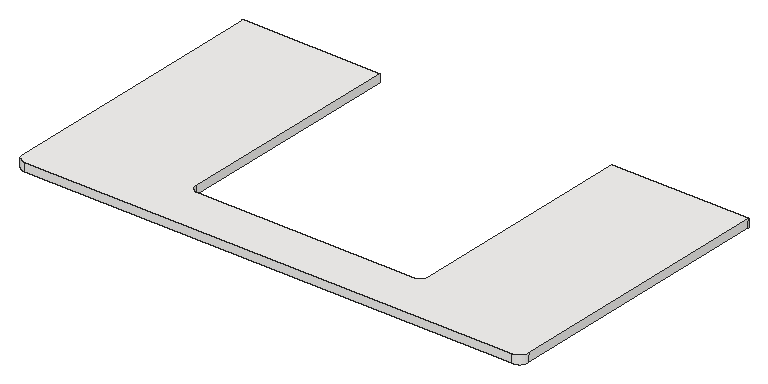
Revit family "console with cutout for countertop basin ground", category Furniture, Revit 2019 (continued)
Types (64, lengths in mm): name | WEIGHT | SURFACE | SPECIFICATION | PRODUCTURL | PERMALINK | NB | NAME | Model | MIdent | LODLEVEL | LL | LINA | L1 | L | IDNR | GTINCODE | Console 980_550 with cutout in the middle for countertop basin ground 600_480-54110910-DIAMOND_GREY-400_RX0RY0RZ0TX0TY0TZ0_V | Console 980_550 with cutout in the middle for countertop basin ground 600_480-54110910-DIAMOND_GREY-200_RX0RY0RZ0TX0TY0TZ0_V | Console 980_550 with cutout in the middle for countertop basin ground 600_480-54110630-DARK_WALNUT-400_RX0RY0RZ0TX0TY0TZ0_V | Console 980_550 with cutout in the middle for countertop basin ground 600_480-54110630-DARK_WALNUT-200_RX0RY0RZ0TX0TY0TZ0_V | Console 980_550 with cutout in the middle for countertop basin ground 600_480-54110230-NATURAL_OAK-400_RX0RY0RZ0TX0TY0TZ0_V | Console 980_550 with cutout in the middle for countertop basin ground 600_480-54110230-NATURAL_OAK-200_RX0RY0RZ0TX0TY0TZ0_V | Console 980_550 with cutout in the middle for countertop basin ground 600_480-54110050-GLOSSY_WHITE-400_RX0RY0RZ0TX0TY0TZ0_V | Console 980_550 with cutout in the middle for countertop basin ground 600_480-54110050-GLOSSY_WHITE-200_RX0RY0RZ0TX0TY0TZ0_V | Console 980_550 with cutout in the middle for countertop basin ground 500_480-54095910-DIAMOND_GREY-400_RX0RY0RZ0TX0TY0TZ0_V | Console 980_550 with cutout in the middle for countertop basin ground 500_480-54095910-DIAMOND_GREY-200_RX0RY0RZ0TX0TY0TZ0_V | Console 980_550 with cutout in the middle for countertop basin ground 500_480-54095630-DARK_WALNUT-400_RX0RY0RZ0TX0TY0TZ0_V | Console 980_550 with cutout in the middle for countertop basin ground 500_480-54095630-DARK_WALNUT-200_RX0RY0RZ0TX0TY0TZ0_V | Console 980_550 with cutout in the middle for countertop basin ground 500_480-54095230-NATURAL_OAK-400_RX0RY0RZ0TX0TY0TZ0_V | Console 980_550 with cutout in the middle for countertop basin ground 500_480-54095230-NATURAL_OAK-200_RX0RY0RZ0TX0TY0TZ0_V | Console 980_550 with cutout in the middle for countertop basin ground 500_480-54095050-GLOSSY_WHITE-400_RX0RY0RZ0TX0TY0TZ0_V | Console 980_550 with cutout in the middle for countertop basin ground 500_480-54095050-GLOSSY_WHITE-200_RX0RY0RZ0TX0TY0TZ0_V | Console 780_550 with cutout in the middle for countertop basin ground 600_480-54109910-DIAMOND_GREY-400_RX0RY0RZ0TX0TY0TZ0_V | Console 780_550 with cutout in the middle for countertop basin ground 600_480-54109910-DIAMOND_GREY-200_RX0RY0RZ0TX0TY0TZ0_V | Console 780_550 with cutout in the middle for countertop basin ground 600_480-54109630-DARK_WALNUT-400_RX0RY0RZ0TX0TY0TZ0_V | Console 780_550 with cutout in the middle for countertop basin ground 600_480-54109630-DARK_WALNUT-200_RX0RY0RZ0TX0TY0TZ0_V | Console 780_550 with cutout in the middle for countertop basin ground 600_480-54109230-NATURAL_OAK-400_RX0RY0RZ0TX0TY0TZ0_V | Console 780_550 with cutout in the middle for countertop basin ground 600_480-54109230-NATURAL_OAK-200_RX0RY0RZ0TX0TY0TZ0_V | Console 780_550 with cutout in the middle for countertop basin ground 600_480-54109050-GLOSSY_WHITE-400_RX0RY0RZ0TX0TY0TZ0_V | Console 780_550 with cutout in the middle for countertop basin ground 600_480-54109050-GLOSSY_WHITE-200_RX0RY0RZ0TX0TY0TZ0_V | Console 780_550 with cutout in the middle for countertop basin ground 500_480-54094910-DIAMOND_GREY-400_RX0RY0RZ0TX0TY0TZ0_V | Console 780_550 with cutout in the middle for countertop basin ground 500_480-54094910-DIAMOND_GREY-200_RX0RY0RZ0TX0TY0TZ0_V | Console 780_550 with cutout in the middle for countertop basin ground 500_480-54094630-DARK_WALNUT-400_RX0RY0RZ0TX0TY0TZ0_V | Console 780_550 with cutout in the middle for countertop basin ground 500_480-54094630-DARK_WALNUT-200_RX0RY0RZ0TX0TY0TZ0_V | Console 780_550 with cutout in the middle for countertop basin ground 500_480-54094230-NATURAL_OAK-400_RX0RY0RZ0TX0TY0TZ0_V | Console 780_550 with cutout in the middle for countertop basin ground 500_480-54094230-NATURAL_OAK-200_RX0RY0RZ0TX0TY0TZ0_V | Console 780_550 with cutout in the middle for countertop basin ground 500_480-54094050-GLOSSY_WHITE-400_RX0RY0RZ0TX0TY0TZ0_V | Console 780_550 with cutout in the middle for countertop basin ground 500_480-54094050-GLOSSY_WHITE-200_RX0RY0RZ0TX0TY0TZ0_V | Console 1360_550 with cutout right for countertop basin ground 500_480-54098910-DIAMOND_GREY-400_RX0RY0RZ0TX0TY0TZ0_V | Console 1360_550 with cutout right for countertop basin ground 500_480-54098910-DIAMOND_GREY-200_RX0RY0RZ0TX0TY0TZ0_V | Console 1360_550 with cutout right for countertop basin ground 500_480-54098630-DARK_WALNUT-400_RX0RY0RZ0TX0TY0TZ0_V | Console 1360_550 with cutout right for countertop basin ground 500_480-54098630-DARK_WALNUT-200_RX0RY0RZ0TX0TY0TZ0_V | Console 1360_550 with cutout right for countertop basin ground 500_480-54098230-NATURAL_OAK-400_RX0RY0RZ0TX0TY0TZ0_V | Console 1360_550 with cutout right for countertop basin ground 500_480-54098230-NATURAL_OAK-200_RX0RY0RZ0TX0TY0TZ0_V | Console 1360_550 with cutout right for countertop basin ground 500_480-54098050-GLOSSY_WHITE-400_RX0RY0RZ0TX0TY0TZ0_V | Console 1360_550 with cutout right for countertop basin ground 500_480-54098050-GLOSSY_WHITE-200_RX0RY0RZ0TX0TY0TZ0_V | Console 1360_550 with cutout left for countertop basin ground 500_480-54097910-DIAMOND_GREY-400_RX0RY0RZ0TX0TY0TZ0_V | Console 1360_550 with cutout left for countertop basin ground 500_480-54097910-DIAMOND_GREY-200_RX0RY0RZ0TX0TY0TZ0_V | Console 1360_550 with cutout left for countertop basin ground 500_480-54097630-DARK_WALNUT-400_RX0RY0RZ0TX0TY0TZ0_V | Console 1360_550 with cutout left for countertop basin ground 500_480-54097630-DARK_WALNUT-200_RX0RY0RZ0TX0TY0TZ0_V | Console 1360_550 with cutout left for countertop basin ground 500_480-54097230-NATURAL_OAK-400_RX0RY0RZ0TX0TY0TZ0_V | Console 1360_550 with cutout left for countertop basin ground 500_480-54097230-NATURAL_OAK-200_RX0RY0RZ0TX0TY0TZ0_V | Console 1360_550 with cutout left for countertop basin ground 500_480-54097050-GLOSSY_WHITE-400_RX0RY0RZ0TX0TY0TZ0_V | Console 1360_550 with cutout left for countertop basin ground 500_480-54097050-GLOSSY_WHITE-200_RX0RY0RZ0TX0TY0TZ0_V | Console 1180_550 with cutout in the middle for countertop basin ground 600_480-54111910-DIAMOND_GREY-400_RX0RY0RZ0TX0TY0TZ0_V | Console 1180_550 with cutout in the middle for countertop basin ground 600_480-54111910-DIAMOND_GREY-200_RX0RY0RZ0TX0TY0TZ0_V | Console 1180_550 with cutout in the middle for countertop basin ground 600_480-54111630-DARK_WALNUT-400_RX0RY0RZ0TX0TY0TZ0_V | Console 1180_550 with cutout in the middle for countertop basin ground 600_480-54111630-DARK_WALNUT-200_RX0RY0RZ0TX0TY0TZ0_V | Console 1180_550 with cutout in the middle for countertop basin ground 600_480-54111230-NATURAL_OAK-400_RX0RY0RZ0TX0TY0TZ0_V | Console 1180_550 with cutout in the middle for countertop basin ground 600_480-54111230-NATURAL_OAK-200_RX0RY0RZ0TX0TY0TZ0_V | Console 1180_550 with cutout in the middle for countertop basin ground 600_480-54111050-GLOSSY_WHITE-400_RX0RY0RZ0TX0TY0TZ0_V | Console 1180_550 with cutout in the middle for countertop basin ground 600_480-54111050-GLOSSY_WHITE-200_RX0RY0RZ0TX0TY0TZ0_V | Console 1180_550 with cutout in the middle for countertop basin ground 500_480-54096910-DIAMOND_GREY-400_RX0RY0RZ0TX0TY0TZ0_V | Console 1180_550 with cutout in the middle for countertop basin ground 500_480-54096910-DIAMOND_GREY-200_RX0RY0RZ0TX0TY0TZ0_V | Console 1180_550 with cutout in the middle for countertop basin ground 500_480-54096630-DARK_WALNUT-400_RX0RY0RZ0TX0TY0TZ0_V | Console 1180_550 with cutout in the middle for countertop basin ground 500_480-54096630-DARK_WALNUT-200_RX0RY0RZ0TX0TY0TZ0_V | Console 1180_550 with cutout in the middle for countertop basin ground 500_480-54096230-NATURAL_OAK-400_RX0RY0RZ0TX0TY0TZ0_V | Console 1180_550 with cutout in the middle for countertop basin ground 500_480-54096230-NATURAL_OAK-200_RX0RY0RZ0TX0TY0TZ0_V | Console 1180_550 with cutout in the middle for countertop basin ground 500_480-54096050-GLO
  SSY_WHITE-400_RX0RY0RZ0TX0TY0TZ0_V | Console 1180_550 with cutout in the middle for countertop basin ground 500_480-54096050-GLOSSY_WHITE-200_RX0RY0RZ0TX0TY0TZ0_V | BASENUMBER | ARTNR
  Console 1180_550 with cutout in the middle for countertop basin ground 500_480-54096050-GLOSSY_WHITE-200 | "12.3" | "GLOSSY_WHITE" | "Surfaces:    - 54096050 High Gloss White  - 54096910 Diamond Matt Grey  - 54096230 Natural Oak  - 54096630 Dark Walnut      Specification:" | "https://pro.hansgrohe.com/articledetail--54096050" | "54096XXX" | "Console 1180/550 with cutout in the middle for countertop basin ground 500/480-54096050-GLOSSY_WHITE-200" | "Xelu Q Console 1180/550 with cutout in the middle for countertop basin ground 500/480" | "Console 1180/550 with cutout in the middle for countertop basin ground 500/480-54096050-GLOSSY_WHITE-200" | "{$CADENAS_DATA/23d-libs/hansgrohe/xelu_furniture/console_with_cutout_for_countertop_basin_ground/console_with_cutout_for_countertop_basinground.prj},397 {VTYP=3D},{NB=Console 1180/550 with cutout in the middle for countertop basin ground 500/480-54096050-GLOSSY_WHITE-200},{LINA=Console 1180/550 with cutout in the middle for countertop basin ground 500/480-54096050-GLOSSY_WHITE-200},{NN=Console with cutout for countertop basin ground},{DATE=10.03.2023 08:11:51},{GEOMDATE=08.03.2023 13:28:53},{VERSION=},{LINEID=90},{WBVAR=LODLEVEL},{WBNUMERIC=}  {NB=Console 1180/550 with cutout in the middle for countertop basin ground 500/480-54096050-GLOSSY_WHITE-200},{LINA=Console 1180/550 with cutout in the middle for countertop basin ground 500/480-54096050-GLOSSY_WHITE-200},{KT=DUMMY},{IDNR=9},{ARTNR=54096050},{BASENUMBER=Console 1180/550 with cutout in the middle for countertop basin ground 500/480},{MODEL=54096XXX},{SURFACE=GLOSSY_WHITE},{L=1180},{LODLEVEL=200},{LODLEVELX='400','400','200','200'},{L1=450},{LL=590},{NAME=Xelu Q Console 1180/550 with cutout in the middle for countertop basin ground 500/480},{PERMALINK=54096XXX},{OBJECTTYPE=Object (single object)},{BIMOBJECT=Sanitary: Compound units },{PRODUCTFAMILY=Xelu Q},{PRODUCTGROUP=console},{WEIGHT=12.3},{DESCRIPTION=Xelu Q Console 1180/550 with cutout in the middle for countertop basin ground 500/480},{SPECIFICATION=Surfaces:    - 54096050 High Gloss White  - 54096910 Diamond Matt Grey  - 54096230 Natural Oak  - 54096630 Dark Walnut      Specification:},{PRODUCTURL=https://pro.hansgrohe.com/articledetail--54096050},{GTINCODE=4059625457054},{TENDERURL=},{IFC=Furnishing element},{ETIM=EC011381 | Bathroom furniture set},{UNICLASS2015=Pr_40_20_76_94 | Vanity units},{OMNICLASS=23-19 31 17 11 | Bathroom Units},{MASTERFORMAT=12 35 30.23 | Bathroom Casework},{UNSPSC=56 | Furniture and Furnishings},{UNIFORMATII=E2010 | Fixed Furnishings},{REGIONSET=Worldwide},{DESIGN=Germany},{MANUFACTURER=Germany}" | "200" | 590 | "Console 1180/550 with cutout in the middle for countertop basin ground 500/480-54096050-GLOSSY_WHITE-200" | 450 | 1180 | 9 | "4059625457054" | no | no | no | no | no | no | no | no | no | no | no | no | no | no | no | no | no | no | no | no | no | no | no | no | no | no | no | no | no | no | no | no | no | no | no | no | no | no | no | no | no | no | no | no | no | no | no | no | no | no | no | no | no | no | no | no | no | no | no | no | no | no | no | yes | "Console 1180/550 with cutout in the middle for countertop basin ground 500/480" | "54096050"
  Console 1180_550 with cutout in the middle for countertop basin ground 500_480-54096050-GLOSSY_WHITE-400 | "12.3" | "GLOSSY_WHITE" | "Surfaces:    - 54096050 High Gloss White  - 54096910 Diamond Matt Grey  - 54096230 Natural Oak  - 54096630 Dark Walnut      Specification:" | "https://pro.hansgrohe.com/articledetail--54096050" | "54096XXX" | "Console 1180/550 with cutout in the middle for countertop basin ground 500/480-54096050-GLOSSY_WHITE-400" | "Xelu Q Console 1180/550 with cutout in the middle for countertop basin ground 500/480" | "Console 1180/550 with cutout in the middle for countertop basin ground 500/480-54096050-GLOSSY_WHITE-400" | "{$CADENAS_DATA/23d-libs/hansgrohe/xelu_furniture/console_with_cutout_for_countertop_basin_ground/console_with_cutout_for_countertop_basinground.prj},397 {VTYP=3D},{NB=Console 1180/550 with cutout in the middle for countertop basin ground 500/480-54096050-GLOSSY_WHITE-400},{LINA=Console 1180/550 with cutout in the middle for countertop basin ground 500/480-54096050-GLOSSY_WHITE-400},{NN=Console with cutout for countertop basin ground},{DATE=10.03.2023 08:11:51},{GEOMDATE=08.03.2023 13:28:53},{VERSION=},{LINEID=90},{WBVAR=LODLEVEL},{WBNUMERIC=}  {NB=Console 1180/550 with cutout in the middle for countertop basin ground 500/480-54096050-GLOSSY_WHITE-400},{LINA=Console 1180/550 with cutout in the middle for countertop basin ground 500/480-54096050-GLOSSY_WHITE-400},{KT=DUMMY},{IDNR=9},{ARTNR=54096050},{BASENUMBER=Console 1180/550 with cutout in the middle for countertop basin ground 500/480},{MODEL=54096XXX},{SURFACE=GLOSSY_WHITE},{L=1180},{LODLEVEL=400},{LODLEVELX='400','400','200','200'},{L1=450},{LL=590},{NAME=Xelu Q Console 1180/550 with cutout in the middle for countertop basin ground 500/480},{PERMALINK=54096XXX},{OBJECTTYPE=Object (single object)},{BIMOBJECT=Sanitary: Compound units },{PRODUCTFAMILY=Xelu Q},{PRODUCTGROUP=console},{WEIGHT=12.3},{DESCRIPTION=Xelu Q Console 1180/550 with cutout in the middle for countertop basin ground 500/480},{SPECIFICATION=Surfaces:    - 54096050 High Gloss White  - 54096910 Diamond Matt Grey  - 54096230 Natural Oak  - 54096630 Dark Walnut      Specification:},{PRODUCTURL=https://pro.hansgrohe.com/articledetail--54096050},{GTINCODE=4059625457054},{TENDERURL=},{IFC=Furnishing element},{ETIM=EC011381 | Bathroom furniture set},{UNICLASS2015=Pr_40_20_76_94 | Vanity units},{OMNICLASS=23-19 31 17 11 | Bathroom Units},{MASTERFORMAT=12 35 30.23 | Bathroom Casework},{UNSPSC=56 | Furniture and Furnishings},{UNIFORMATII=E2010 | Fixed Furnishings},{REGIONSET=Worldwide},{DESIGN=Germany},{MANUFACTURER=Germany}" | "400" | 590 | "Console 1180/550 with cutout in the middle for countertop basin ground 500/480-54096050-GLOSSY_WHITE-400" | 450 | 1180 | 9 | "4059625457054" | no | no | no | no | no | no | no | no | no | no | no | no | no | no | no | no | no | no | no | no | no | no | no | no | no | no | no | no | no | no | no | no | no | no | no | no | no | no | no | no | no | no | no | no | no | no | no | no | no | no | no | no | no | no | no | no | no | no | no | no | no | no | yes | no | "Console 1180/550 with cutout in the middle for countertop basin ground 500/480" | "54096050"
  Console 1180_550 with cutout in the middle for countertop basin ground 500_480-54096230-NATURAL_OAK-200 | "12.3" | "NATURAL_OAK" | "Surfaces:    - 54096050 High Gloss White  - 54096910 Diamond Matt Grey  - 54096230 Natural Oak  - 54096630 Dark Walnut      Specification:" | "https://pro.hansgrohe.com/articledetail--54096050" | "54096XXX" | "Console 1180/550 with cutout in the middle for countertop basin ground 500/480-54096230-NATURAL_OAK-200" | "Xelu Q Console 1180/550 with cutout in the middle for countertop basin ground 500/480" | "Console 1180/550 with cutout in the middle for countertop basin ground 500/480-54096230-NATURAL_OAK-200" | "{$CADENAS_DATA/23d-libs/hansgrohe/xelu_furniture/console_with_cutout_for_countertop_basin_ground/console_with_cutout_for_countertop_basinground.prj},396 {VTYP=3D},{NB=Console 1180/550 with cutout in the middle for countertop basin ground 500/480-54096230-NATURAL_OAK-200},{LINA=Console 1180/550 with cutout in the middle for countertop basin ground 500/480-54096230-NATURAL_OAK-200},{NN=Console with cutout for countertop basin ground},{DATE=10.03.2023 08:11:51},{GEOMDATE=08.03.2023 13:28:53},{VERSION=},{LINEID=100},{WBVAR=LODLEVEL},{WBNUMERIC=}  {NB=Console 1180/550 with cutout in the middle for countertop basin ground 500/480-54096230-NATURAL_OAK-200},{LINA=Console 1180/550 with cutout in the middle for countertop basin ground 500/480-54096230-NATURAL_OAK-200},{KT=DUMMY},{IDNR=10},{ARTNR=54096230},{BASENUMBER=Console 1180/550 with cutout in the middle for countertop basin ground 500/480},{MODEL=54096XXX},{SURFACE=NATURAL_OAK},{L=1180},{LODLEVEL=200},{LODLEVELX='400','400','200','200'},{L1=450},{LL=590},{NAME=Xelu Q Console 1180/550 with cutout in the middle for countertop basin ground 500/480},{PERMALINK=54096XXX},{OBJECTTYPE=Object (single object)},{BIMOBJECT=Sanitary: Compound units },{PRODUCTFAMILY=Xelu Q},{PRODUCTGROUP=console},{WEIGHT=12.3},{DESCRIPTION=Xelu Q Console 1180/550 with cutout in the middle for countertop basin ground 500/480},{SPECIFICATION=Surfaces:    - 54096050 High Gloss White  - 54096910 Diamond Matt Grey  - 54096230 Natural Oak  - 54096630 Dark Walnut      Specification:},{PRODUCTURL=https://pro.hansgrohe.com/articledetail--54096050},{GTINCODE=4059625457054},{TENDERURL=},{IFC=Furnishing element},{ETIM=EC011381 | Bathroom furniture set},{UNICLASS2015=Pr_40_20_76_94 | Vanity units},{OMNICLASS=23-19 31 17 11 | Bathroom Units},{MASTERFORMAT=12 35 30.23 | Bathroom Casework},{UNSPSC=56 | Furniture and Furnishings},{UNIFORMATII=E2010 | Fixed Furnishings},{REGIONSET=Worldwide},{DESIGN=Germany},{MANUFACTURER=Germany}" | "200" | 590 | "Console 1180/550 with cutout in the middle for countertop basin ground 500/480-54096230-NATURAL_OAK-200" | 450 | 1180 | 10 | "4059625457054" | no | no | no | no | no | no | no | no | no | no | no | no | no | no | no | no | no | no | no | no | no | no | no | no | no | no | no | no | no | no | no | no | no | no | no | no | no | no | no | no | no | no | no | no | no | no | no | no | no | no | no | no | no | no | no | no | no | no | no | no | no | yes | no | no | "Console 1180/550 with cutout in the middle for countertop basin ground 500/480" | "54096230"
  Console 1180_550 with cutout in the middle for countertop basin ground 500_480-54096230-NATURAL_OAK-400 | "12.3" | "NATURAL_OAK" | "Surfaces:    - 54096050 High Gloss White  - 54096910 Diamond Matt Grey  - 54096230 Natural Oak  - 54096630 Dark Walnut      Specification:" | "https://pro.hansgrohe.com/articledetail--54096050" | "54096XXX" | "Console 1180/550 with cutout in the middle for countertop basin ground 500/480-54096230-NATURAL_OAK-400" | "Xelu Q Console 1180/550 with cutout in the middle for countertop basin ground 500/480" | "Console 1180/550 with cutout in the middle for countertop basin ground 500/480-54096230-NATURAL_OAK-400" | "{$CADENAS_DATA/23d-libs/hansgrohe/xelu_furniture/console_with_cutout_for_countertop_basin_ground/console_with_cutout_for_countertop_basinground.prj},396 {VTYP=3D},{NB=Console 1180/550 with cutout in the middle for countertop basin ground 500/480-54096230-NATURAL_OAK-400},{LINA=Console 1180/550 with cutout in the middle for countertop basin ground 500/480-54096230-NATURAL_OAK-400},{NN=Console with cutout for countertop basin ground},{DATE=10.03.2023 08:11:51},{GEOMDATE=08.03.2023 13:28:53},{VERSION=},{LINEID=100},{WBVAR=LODLEVEL},{WBNUMERIC=}  {NB=Console 1180/550 with cutout in the middle for countertop basin ground 500/480-54096230-NATURAL_OAK-400},{LINA=Console 1180/550 with cutout in the middle for countertop basin ground 500/480-54096230-NATURAL_OAK-400},{KT=DUMMY},{IDNR=10},{ARTNR=54096230},{BASENUMBER=Console 1180/550 with cutout in the middle for countertop basin ground 500/480},{MODEL=54096XXX},{SURFACE=NATURAL_OAK},{L=1180},{LODLEVEL=400},{LODLEVELX='400','400','200','200'},{L1=450},{LL=590},{NAME=Xelu Q Console 1180/550 with cutout in the middle for countertop basin ground 500/480},{PERMALINK=54096XXX},{OBJECTTYPE=Object (single object)},{BIMOBJECT=Sanitary: Compound units },{PRODUCTFAMILY=Xelu Q},{PRODUCTGROUP=console},{WEIGHT=12.3},{DESCRIPTION=Xelu Q Console 1180/550 with cutout in the middle for countertop basin ground 500/480},{SPECIFICATION=Surfaces:    - 54096050 High Gloss White  - 54096910 Diamond Matt Grey  - 54096230 Natural Oak  - 54096630 Dark Walnut      Specification:},{PRODUCTURL=https://pro.hansgrohe.com/articledetail--54096050},{GTINCODE=4059625457054},{TENDERURL=},{IFC=Furnishing element},{ETIM=EC011381 | Bathroom furniture set},{UNICLASS2015=Pr_40_20_76_94 | Vanity units},{OMNICLASS=23-19 31 17 11 | Bathroom Units},{MASTERFORMAT=12 35 30.23 | Bathroom Casework},{UNSPSC=56 | Furniture and Furnishings},{UNIFORMATII=E2010 | Fixed Furnishings},{REGIONSET=Worldwide},{DESIGN=Germany},{MANUFACTURER=Germany}" | "400" | 590 | "Console 1180/550 with cutout in the middle for countertop basin ground 500/480-54096230-NATURAL_OAK-400" | 450 | 1180 | 10 | "4059625457054" | no | no | no | no | no | no | no | no | no | no | no | no | no | no | no | no | no | no | no | no | no | no | no | no | no | no | no | no | no | no | no | no | no | no | no | no | no | no | no | no | no | no | no | no | no | no | no | no | no | no | no | no | no | no | no | no | no | no | no | no | yes | no | no | no | "Console 1180/550 with cutout in the middle for countertop basin ground 500/480" | "54096230"
  Console 1180_550 with cutout in the middle for countertop basin ground 500_480-54096630-DARK_WALNUT-200 | "12.3" | "DARK_WALNUT" | "Surfaces:    - 54096050 High Gloss White  - 54096910 Diamond Matt Grey  - 54096230 Natural Oak  - 54096630 Dark Walnut      Specification:" | "https://pro.hansgrohe.com/articledetail--54096050" | "54096XXX" | "Console 1180/550 with cutout in the middle for countertop basin ground 500/480-54096630-DARK_WALNUT-200" | "Xelu Q Console 1180/550 with cutout in the middle for countertop basin ground 500/480" | "Console 1180/550 with cutout in the middle for countertop basin ground 500/480-54096630-DARK_WALNUT-200" | "{$CADENAS_DATA/23d-libs/hansgrohe/xelu_furniture/console_with_cutout_for_countertop_basin_ground/console_with_cutout_for_countertop_basinground.prj},396 {VTYP=3D},{NB=Console 1180/550 with cutout in the middle for countertop basin ground 500/480-54096630-DARK_WALNUT-200},{LINA=Console 1180/550 with cutout in the middle for countertop basin ground 500/480-54096630-DARK_WALNUT-200},{NN=Console with cutout for countertop basin ground},{DATE=10.03.2023 08:11:51},{GEOMDATE=08.03.2023 13:28:53},{VERSION=},{LINEID=110},{WBVAR=LODLEVEL},{WBNUMERIC=}  {NB=Console 1180/550 with cutout in the middle for countertop basin ground 500/480-54096630-DARK_WALNUT-200},{LINA=Console 1180/550 with cutout in the middle for countertop basin ground 500/480-54096630-DARK_WALNUT-200},{KT=DUMMY},{IDNR=11},{ARTNR=54096630},{BASENUMBER=Console 1180/550 with cutout in the middle for countertop basin ground 500/480},{MODEL=54096XXX},{SURFACE=DARK_WALNUT},{L=1180},{LODLEVEL=200},{LODLEVELX='400','400','200','200'},{L1=450},{LL=590},{NAME=Xelu Q Console 1180/550 with cutout in the middle for countertop basin ground 500/480},{PERMALINK=54096XXX},{OBJECTTYPE=Object (single object)},{BIMOBJECT=Sanitary: Compound units },{PRODUCTFAMILY=Xelu Q},{PRODUCTGROUP=console},{WEIGHT=12.3},{DESCRIPTION=Xelu Q Console 1180/550 with cutout in the middle for countertop basin ground 500/480},{SPECIFICATION=Surfaces:    - 54096050 High Gloss White  - 54096910 Diamond Matt Grey  - 54096230 Natural Oak  - 54096630 Dark Walnut      Specification:},{PRODUCTURL=https://pro.hansgrohe.com/articledetail--54096050},{GTINCODE=4059625457054},{TENDERURL=},{IFC=Furnishing element},{ETIM=EC011381 | Bathroom furniture set},{UNICLASS2015=Pr_40_20_76_94 | Vanity units},{OMNICLASS=23-19 31 17 11 | Bathroom Units},{MASTERFORMAT=12 35 30.23 | Bathroom Casework},{UNSPSC=56 | Furniture and Furnishings},{UNIFORMATII=E2010 | Fixed Furnishings},{REGIONSET=Worldwide},{DESIGN=Germany},{MANUFACTURER=Germany}" | "200" | 590 | "Console 1180/550 with cutout in the middle for countertop basin ground 500/480-54096630-DARK_WALNUT-200" | 450 | 1180 | 11 | "4059625457054" | no | no | no | no | no | no | no | no | no | no | no | no | no | no | no | no | no | no | no | no | no | no | no | no | no | no | no | no | no | no | no | no | no | no | no | no | no | no | no | no | no | no | no | no | no | no | no | no | no | no | no | no | no | no | no | no | no | no | no | yes | no | no | no | no | "Console 1180/550 with cutout in the middle for countertop basin ground 500/480" | "54096630"
  Console 1180_550 with cutout in the middle for countertop basin ground 500_480-54096630-DARK_WALNUT-400 | "12.3" | "DARK_WALNUT" | "Surfaces:    - 54096050 High Gloss White  - 54096910 Diamond Matt Grey  - 54096230 Natural Oak  - 54096630 Dark Walnut      Specification:" | "https://pro.hansgrohe.com/articledetail--54096050" | "54096XXX" | "Console 1180/550 with cutout in the middle for countertop basin ground 500/480-54096630-DARK_WALNUT-400" | "Xelu Q Console 1180/550 with cutout in the middle for countertop basin ground 500/480" | "Console 1180/550 with cutout in the middle for countertop basin ground 500/480-54096630-DARK_WALNUT-400" | "{$CADENAS_DATA/23d-libs/hansgrohe/xelu_furniture/console_with_cutout_for_countertop_basin_ground/console_with_cutout_for_countertop_basinground.prj},396 {VTYP=3D},{NB=Console 1180/550 with cutout in the middle for countertop basin ground 500/480-54096630-DARK_WALNUT-400},{LINA=Console 1180/550 with cutout in the middle for countertop basin ground 500/480-54096630-DARK_WALNUT-400},{NN=Console with cutout for countertop basin ground},{DATE=10.03.2023 08:11:51},{GEOMDATE=08.03.2023 13:28:53},{VERSION=},{LINEID=110},{WBVAR=LODLEVEL},{WBNUMERIC=}  {NB=Console 1180/550 with cutout in the middle for countertop basin ground 500/480-54096630-DARK_WALNUT-400},{LINA=Console 1180/550 with cutout in the middle for countertop basin ground 500/480-54096630-DARK_WALNUT-400},{KT=DUMMY},{IDNR=11},{ARTNR=54096630},{BASENUMBER=Console 1180/550 with cutout in the middle for countertop basin ground 500/480},{MODEL=54096XXX},{SURFACE=DARK_WALNUT},{L=1180},{LODLEVEL=400},{LODLEVELX='400','400','200','200'},{L1=450},{LL=590},{NAME=Xelu Q Console 1180/550 with cutout in the middle for countertop basin ground 500/480},{PERMALINK=54096XXX},{OBJECTTYPE=Object (single object)},{BIMOBJECT=Sanitary: Compound units },{PRODUCTFAMILY=Xelu Q},{PRODUCTGROUP=console},{WEIGHT=12.3},{DESCRIPTION=Xelu Q Console 1180/550 with cutout in the middle for countertop basin ground 500/480},{SPECIFICATION=Surfaces:    - 54096050 High Gloss White  - 54096910 Diamond Matt Grey  - 54096230 Natural Oak  - 54096630 Dark Walnut      Specification:},{PRODUCTURL=https://pro.hansgrohe.com/articledetail--54096050},{GTINCODE=4059625457054},{TENDERURL=},{IFC=Furnishing element},{ETIM=EC011381 | Bathroom furniture set},{UNICLASS2015=Pr_40_20_76_94 | Vanity units},{OMNICLASS=23-19 31 17 11 | Bathroom Units},{MASTERFORMAT=12 35 30.23 | Bathroom Casework},{UNSPSC=56 | Furniture and Furnishings},{UNIFORMATII=E2010 | Fixed Furnishings},{REGIONSET=Worldwide},{DESIGN=Germany},{MANUFACTURER=Germany}" | "400" | 590 | "Console 1180/550 with cutout in the middle for countertop basin ground 500/480-54096630-DARK_WALNUT-400" | 450 | 1180 | 11 | "4059625457054" | no | no | no | no | no | no | no | no | no | no | no | no | no | no | no | no | no | no | no | no | no | no | no | no | no | no | no | no | no | no | no | no | no | no | no | no | no | no | no | no | no | no | no | no | no | no | no | no | no | no | no | no | no | no | no | no | no | no | yes | no | no | no | no | no | "Console 1180/550 with cutout in the middle for countertop basin ground 500/480" | "54096630"
  Console 1180_550 with cutout in the middle for countertop basin ground 500_480-54096910-DIAMOND_GREY-200 | "12.3" | "DIAMOND_GREY" | "Surfaces:    - 54096050 High Gloss White  - 54096910 Diamond Matt Grey  - 54096230 Natural Oak  - 54096630 Dark Walnut      Specification:" | "https://pro.hansgrohe.com/articledetail--54096050" | "54096XXX" | "Console 1180/550 with cutout in the middle for countertop basin ground 500/480-54096910-DIAMOND_GREY-200" | "Xelu Q Console 1180/550 with cutout in the middle for countertop basin ground 500/480" | "Console 1180/550 with cutout in the middle for countertop basin ground 500/480-54096910-DIAMOND_GREY-200" | "{$CADENAS_DATA/23d-libs/hansgrohe/xelu_furniture/console_with_cutout_for_countertop_basin_ground/console_with_cutout_for_countertop_basinground.prj},398 {VTYP=3D},{NB=Console 1180/550 with cutout in the middle for countertop basin ground 500/480-54096910-DIAMOND_GREY-200},{LINA=Console 1180/550 with cutout in the middle for countertop basin ground 500/480-54096910-DIAMOND_GREY-200},{NN=Console with cutout for countertop basin ground},{DATE=10.03.2023 08:11:51},{GEOMDATE=08.03.2023 13:28:53},{VERSION=},{LINEID=120},{WBVAR=LODLEVEL},{WBNUMERIC=}  {NB=Console 1180/550 with cutout in the middle for countertop basin ground 500/480-54096910-DIAMOND_GREY-200},{LINA=Console 1180/550 with cutout in the middle for countertop basin ground 500/480-54096910-DIAMOND_GREY-200},{KT=DUMMY},{IDNR=12},{ARTNR=54096910},{BASENUMBER=Console 1180/550 with cutout in the middle for countertop basin ground 500/480},{MODEL=54096XXX},{SURFACE=DIAMOND_GREY},{L=1180},{LODLEVEL=200},{LODLEVELX='400','400','200','200'},{L1=450},{LL=590},{NAME=Xelu Q Console 1180/550 with cutout in the middle for countertop basin ground 500/480},{PERMALINK=54096XXX},{OBJECTTYPE=Object (single object)},{BIMOBJECT=Sanitary: Compound units },{PRODUCTFAMILY=Xelu Q},{PRODUCTGROUP=console},{WEIGHT=12.3},{DESCRIPTION=Xelu Q Console 1180/550 with cutout in the middle for countertop basin ground 500/480},{SPECIFICATION=Surfaces:    - 54096050 High Gloss White  - 54096910 Diamond Matt Grey  - 54096230 Natural Oak  - 54096630 Dark Walnut      Specification:},{PRODUCTURL=https://pro.hansgrohe.com/articledetail--54096050},{GTINCODE=4059625457054},{TENDERURL=},{IFC=Furnishing element},{ETIM=EC011381 | Bathroom furniture set},{UNICLASS2015=Pr_40_20_76_94 | Vanity units},{OMNICLASS=23-19 31 17 11 | Bathroom Units},{MASTERFORMAT=12 35 30.23 | Bathroom Casework},{UNSPSC=56 | Furniture and Furnishings},{UNIFORMATII=E2010 | Fixed Furnishings},{REGIONSET=Worldwide},{DESIGN=Germany},{MANUFACTURER=Germany}" | "200" | 590 | "Console 1180/550 with cutout in the middle for countertop basin ground 500/480-54096910-DIAMOND_GREY-200" | 450 | 1180 | 12 | "4059625457054" | no | no | no | no | no | no | no | no | no | no | no | no | no | no | no | no | no | no | no | no | no | no | no | no | no | no | no | no | no | no | no | no | no | no | no | no | no | no | no | no | no | no | no | no | no | no | no | no | no | no | no | no | no | no | no | no | no | yes | no | no | no | no | no | no | "Console 1180/550 with cutout in the middle for countertop basin ground 500/480" | "54096910"
  Console 1180_550 with cutout in the middle for countertop basin ground 500_480-54096910-DIAMOND_GREY-400 | "12.3" | "DIAMOND_GREY" | "Surfaces:    - 54096050 High Gloss White  - 54096910 Diamond Matt Grey  - 54096230 Natural Oak  - 54096630 Dark Walnut      Specification:" | "https://pro.hansgrohe.com/articledetail--54096050" | "54096XXX" | "Console 1180/550 with cutout in the middle for countertop basin ground 500/480-54096910-DIAMOND_GREY-400" | "Xelu Q Console 1180/550 with cutout in the middle for countertop basin ground 500/480" | "Console 1180/550 with cutout in the middle for countertop basin ground 500/480-54096910-DIAMOND_GREY-400" | "{$CADENAS_DATA/23d-libs/hansgrohe/xelu_furniture/console_with_cutout_for_countertop_basin_ground/console_with_cutout_for_countertop_basinground.prj},398 {VTYP=3D},{NB=Console 1180/550 with cutout in the middle for countertop basin ground 500/480-54096910-DIAMOND_GREY-400},{LINA=Console 1180/550 with cutout in the middle for countertop basin ground 500/480-54096910-DIAMOND_GREY-400},{NN=Console with cutout for countertop basin ground},{DATE=10.03.2023 08:11:51},{GEOMDATE=08.03.2023 13:28:53},{VERSION=},{LINEID=120},{WBVAR=LODLEVEL},{WBNUMERIC=}  {NB=Console 1180/550 with cutout in the middle for countertop basin ground 500/480-54096910-DIAMOND_GREY-400},{LINA=Console 1180/550 with cutout in the middle for countertop basin ground 500/480-54096910-DIAMOND_GREY-400},{KT=DUMMY},{IDNR=12},{ARTNR=54096910},{BASENUMBER=Console 1180/550 with cutout in the middle for countertop basin ground 500/480},{MODEL=54096XXX},{SURFACE=DIAMOND_GREY},{L=1180},{LODLEVEL=400},{LODLEVELX='400','400','200','200'},{L1=450},{LL=590},{NAME=Xelu Q Console 1180/550 with cutout in the middle for countertop basin ground 500/480},{PERMALINK=54096XXX},{OBJECTTYPE=Object (single object)},{BIMOBJECT=Sanitary: Compound units },{PRODUCTFAMILY=Xelu Q},{PRODUCTGROUP=console},{WEIGHT=12.3},{DESCRIPTION=Xelu Q Console 1180/550 with cutout in the middle for countertop basin ground 500/480},{SPECIFICATION=Surfaces:    - 54096050 High Gloss White  - 54096910 Diamond Matt Grey  - 54096230 Natural Oak  - 54096630 Dark Walnut      Specification:},{PRODUCTURL=https://pro.hansgrohe.com/articledetail--54096050},{GTINCODE=4059625457054},{TENDERURL=},{IFC=Furnishing element},{ETIM=EC011381 | Bathroom furniture set},{UNICLASS2015=Pr_40_20_76_94 | Vanity units},{OMNICLASS=23-19 31 17 11 | Bathroom Units},{MASTERFORMAT=12 35 30.23 | Bathroom Casework},{UNSPSC=56 | Furniture and Furnishings},{UNIFORMATII=E2010 | Fixed Furnishings},{REGIONSET=Worldwide},{DESIGN=Germany},{MANUFACTURER=Germany}" | "400" | 590 | "Console 1180/550 with cutout in the middle for countertop basin ground 500/480-54096910-DIAMOND_GREY-400" | 450 | 1180 | 12 | "4059625457054" | no | no | no | no | no | no | no | no | no | no | no | no | no | no | no | no | no | no | no | no | no | no | no | no | no | no | no | no | no | no | no | no | no | no | no | no | no | no | no | no | no | no | no | no | no | no | no | no | no | no | no | no | no | no | no | no | yes | no | no | no | no | no | no | no | "Console 1180/550 with cutout in the middle for countertop basin ground 500/480" | "54096910"
  Console 1180_550 with cutout in the middle for countertop basin ground 600_480-54111050-GLOSSY_WHITE-200 | "12.3" | "GLOSSY_WHITE" | "Surfaces:    - 54111050 High Gloss White  - 54111910 Diamond Matt Grey  - 54111230 Natural Oak  - 54111630 Dark Walnut      Specification:" | "https://pro.hansgrohe.com/articledetail--54111050" | "54111XXX" | "Console 1180/550 with cutout in the middle for countertop basin ground 600/480-54111050-GLOSSY_WHITE-200" | "Xelu Q Console 1180/550 with cutout in the middle for countertop basin ground 600/480" | "Console 1180/550 with cutout in the middle for countertop basin ground 600/480-54111050-GLOSSY_WHITE-200" | "{$CADENAS_DATA/23d-libs/hansgrohe/xelu_furniture/console_with_cutout_for_countertop_basin_ground/console_with_cutout_for_countertop_basinground.prj},398 {VTYP=3D},{NB=Console 1180/550 with cutout in the middle for countertop basin ground 600/480-54111050-GLOSSY_WHITE-200},{LINA=Console 1180/550 with cutout in the middle for countertop basin ground 600/480-54111050-GLOSSY_WHITE-200},{NN=Console with cutout for countertop basin ground},{DATE=10.03.2023 08:11:51},{GEOMDATE=08.03.2023 13:28:53},{VERSION=},{LINEID=710},{WBVAR=LODLEVEL},{WBNUMERIC=}  {NB=Console 1180/550 with cutout in the middle for countertop basin ground 600/480-54111050-GLOSSY_WHITE-200},{LINA=Console 1180/550 with cutout in the middle for countertop basin ground 600/480-54111050-GLOSSY_WHITE-200},{KT=DUMMY},{IDNR=29},{ARTNR=54111050},{BASENUMBER=Console 1180/550 with cutout in the middle for countertop basin ground 600/480},{MODEL=54111XXX},{SURFACE=GLOSSY_WHITE},{L=1180},{LODLEVEL=200},{LODLEVELX='400','400','200','200'},{L1=550},{LL=590},{NAME=Xelu Q Console 1180/550 with cutout in the middle for countertop basin ground 600/480},{PERMALINK=54111XXX},{OBJECTTYPE=Object (single object)},{BIMOBJECT=Sanitary: Compound units },{PRODUCTFAMILY=Xelu Q},{PRODUCTGROUP=console},{WEIGHT=12.3},{DESCRIPTION=Xelu Q Console 1180/550 with cutout in the middle for countertop basin ground 600/480},{SPECIFICATION=Surfaces:    - 54111050 High Gloss White  - 54111910 Diamond Matt Grey  - 54111230 Natural Oak  - 54111630 Dark Walnut      Specification:},{PRODUCTURL=https://pro.hansgrohe.com/articledetail--54111050},{GTINCODE=4059625457610},{TENDERURL=},{IFC=Furnishing element},{ETIM=EC011381 | Bathroom furniture set},{UNICLASS2015=Pr_40_20_76_94 | Vanity units},{OMNICLASS=23-19 31 17 11 | Bathroom Units},{MASTERFORMAT=12 35 30.23 | Bathroom Casework},{UNSPSC=56 | Furniture and Furnishings},{UNIFORMATII=E2010 | Fixed Furnishings},{REGIONSET=Worldwide},{DESIGN=Germany},{MANUFACTURER=Germany}" | "200" | 590 | "Console 1180/550 with cutout in the middle for countertop basin ground 600/480-54111050-GLOSSY_WHITE-200" | 550 | 1180 | 29 | "4059625457610" | no | no | no | no | no | no | no | no | no | no | no | no | no | no | no | no | no | no | no | no | no | no | no | no | no | no | no | no | no | no | no | no | no | no | no | no | no | no | no | no | no | no | no | no | no | no | no | no | no | no | no | no | no | no | no | yes | no | no | no | no | no | no | no | no | "Console 1180/550 with cutout in the middle for countertop basin ground 600/480" | "54111050"
  Console 1180_550 with cutout in the middle for countertop basin ground 600_480-54111050-GLOSSY_WHITE-400 | "12.3" | "GLOSSY_WHITE" | "Surfaces:    - 54111050 High Gloss White  - 54111910 Diamond Matt Grey  - 54111230 Natural Oak  - 54111630 Dark Walnut      Specification:" | "https://pro.hansgrohe.com/articledetail--54111050" | "54111XXX" | "Console 1180/550 with cutout in the middle for countertop basin ground 600/480-54111050-GLOSSY_WHITE-400" | "Xelu Q Console 1180/550 with cutout in the middle for countertop basin ground 600/480" | "Console 1180/550 with cutout in the middle for countertop basin ground 600/480-54111050-GLOSSY_WHITE-400" | "{$CADENAS_DATA/23d-libs/hansgrohe/xelu_furniture/console_with_cutout_for_countertop_basin_ground/console_with_cutout_for_countertop_basinground.prj},398 {VTYP=3D},{NB=Console 1180/550 with cutout in the middle for countertop basin ground 600/480-54111050-GLOSSY_WHITE-400},{LINA=Console 1180/550 with cutout in the middle for countertop basin ground 600/480-54111050-GLOSSY_WHITE-400},{NN=Console with cutout for countertop basin ground},{DATE=10.03.2023 08:11:51},{GEOMDATE=08.03.2023 13:28:53},{VERSION=},{LINEID=710},{WBVAR=LODLEVEL},{WBNUMERIC=}  {NB=Console 1180/550 with cutout in the middle for countertop basin ground 600/480-54111050-GLOSSY_WHITE-400},{LINA=Console 1180/550 with cutout in the middle for countertop basin ground 600/480-54111050-GLOSSY_WHITE-400},{KT=DUMMY},{IDNR=29},{ARTNR=54111050},{BASENUMBER=Console 1180/550 with cutout in the middle for countertop basin ground 600/480},{MODEL=54111XXX},{SURFACE=GLOSSY_WHITE},{L=1180},{LODLEVEL=400},{LODLEVELX='400','400','200','200'},{L1=550},{LL=590},{NAME=Xelu Q Console 1180/550 with cutout in the middle for countertop basin ground 600/480},{PERMALINK=54111XXX},{OBJECTTYPE=Object (single object)},{BIMOBJECT=Sanitary: Compound units },{PRODUCTFAMILY=Xelu Q},{PRODUCTGROUP=console},{WEIGHT=12.3},{DESCRIPTION=Xelu Q Console 1180/550 with cutout in the middle for countertop basin ground 600/480},{SPECIFICATION=Surfaces:    - 54111050 High Gloss White  - 54111910 Diamond Matt Grey  - 54111230 Natural Oak  - 54111630 Dark Walnut      Specification:},{PRODUCTURL=https://pro.hansgrohe.com/articledetail--54111050},{GTINCODE=4059625457610},{TENDERURL=},{IFC=Furnishing element},{ETIM=EC011381 | Bathroom furniture set},{UNICLASS2015=Pr_40_20_76_94 | Vanity units},{OMNICLASS=23-19 31 17 11 | Bathroom Units},{MASTERFORMAT=12 35 30.23 | Bathroom Casework},{UNSPSC=56 | Furniture and Furnishings},{UNIFORMATII=E2010 | Fixed Furnishings},{REGIONSET=Worldwide},{DESIGN=Germany},{MANUFACTURER=Germany}" | "400" | 590 | "Console 1180/550 with cutout in the middle for countertop basin ground 600/480-54111050-GLOSSY_WHITE-400" | 550 | 1180 | 29 | "4059625457610" | no | no | no | no | no | no | no | no | no | no | no | no | no | no | no | no | no | no | no | no | no | no | no | no | no | no | no | no | no | no | no | no | no | no | no | no | no | no | no | no | no | no | no | no | no | no | no | no | no | no | no | no | no | no | yes | no | no | no | no | no | no | no | no | no | "Console 1180/550 with cutout in the middle for countertop basin ground 600/480" | "54111050"
  Console 1180_550 with cutout in the middle for countertop basin ground 600_480-54111230-NATURAL_OAK-200 | "12.3" | "NATURAL_OAK" | "Surfaces:    - 54111050 High Gloss White  - 54111910 Diamond Matt Grey  - 54111230 Natural Oak  - 54111630 Dark Walnut      Specification:" | "https://pro.hansgrohe.com/articledetail--54111050" | "54111XXX" | "Console 1180/550 with cutout in the middle for countertop basin ground 600/480-54111230-NATURAL_OAK-200" | "Xelu Q Console 1180/550 with cutout in the middle for countertop basin ground 600/480" | "Console 1180/550 with cutout in the middle for countertop basin ground 600/480-54111230-NATURAL_OAK-200" | "{$CADENAS_DATA/23d-libs/hansgrohe/xelu_furniture/console_with_cutout_for_countertop_basin_ground/console_with_cutout_for_countertop_basinground.prj},396 {VTYP=3D},{NB=Console 1180/550 with cutout in the middle for countertop basin ground 600/480-54111230-NATURAL_OAK-200},{LINA=Console 1180/550 with cutout in the middle for countertop basin ground 600/480-54111230-NATURAL_OAK-200},{NN=Console with cutout for countertop basin ground},{DATE=10.03.2023 08:11:51},{GEOMDATE=08.03.2023 13:28:53},{VERSION=},{LINEID=720},{WBVAR=LODLEVEL},{WBNUMERIC=}  {NB=Console 1180/550 with cutout in the middle for countertop basin ground 600/480-54111230-NATURAL_OAK-200},{LINA=Console 1180/550 with cutout in the middle for countertop basin ground 600/480-54111230-NATURAL_OAK-200},{KT=DUMMY},{IDNR=30},{ARTNR=54111230},{BASENUMBER=Console 1180/550 with cutout in the middle for countertop basin ground 600/480},{MODEL=54111XXX},{SURFACE=NATURAL_OAK},{L=1180},{LODLEVEL=200},{LODLEVELX='400','400','200','200'},{L1=550},{LL=590},{NAME=Xelu Q Console 1180/550 with cutout in the middle for countertop basin ground 600/480},{PERMALINK=54111XXX},{OBJECTTYPE=Object (single object)},{BIMOBJECT=Sanitary: Compound units },{PRODUCTFAMILY=Xelu Q},{PRODUCTGROUP=console},{WEIGHT=12.3},{DESCRIPTION=Xelu Q Console 1180/550 with cutout in the middle for countertop basin ground 600/480},{SPECIFICATION=Surfaces:    - 54111050 High Gloss White  - 54111910 Diamond Matt Grey  - 54111230 Natural Oak  - 54111630 Dark Walnut      Specification:},{PRODUCTURL=https://pro.hansgrohe.com/articledetail--54111050},{GTINCODE=4059625457610},{TENDERURL=},{IFC=Furnishing element},{ETIM=EC011381 | Bathroom furniture set},{UNICLASS2015=Pr_40_20_76_94 | Vanity units},{OMNICLASS=23-19 31 17 11 | Bathroom Units},{MASTERFORMAT=12 35 30.23 | Bathroom Casework},{UNSPSC=56 | Furniture and Furnishings},{UNIFORMATII=E2010 | Fixed Furnishings},{REGIONSET=Worldwide},{DESIGN=Germany},{MANUFACTURER=Germany}" | "200" | 590 | "Console 1180/550 with cutout in the middle for countertop basin ground 600/480-54111230-NATURAL_OAK-200" | 550 | 1180 | 30 | "4059625457610" | no | no | no | no | no | no | no | no | no | no | no | no | no | no | no | no | no | no | no | no | no | no | no | no | no | no | no | no | no | no | no | no | no | no | no | no | no | no | no | no | no | no | no | no | no | no | no | no | no | no | no | no | no | yes | no | no | no | no | no | no | no | no | no | no | "Console 1180/550 with cutout in the middle for countertop basin ground 600/480" | "54111230"
  Console 1180_550 with cutout in the middle for countertop basin ground 600_480-54111230-NATURAL_OAK-400 | "12.3" | "NATURAL_OAK" | "Surfaces:    - 54111050 High Gloss White  - 54111910 Diamond Matt Grey  - 54111230 Natural Oak  - 54111630 Dark Walnut      Specification:" | "https://pro.hansgrohe.com/articledetail--54111050" | "54111XXX" | "Console 1180/550 with cutout in the middle for countertop basin ground 600/480-54111230-NATURAL_OAK-400" | "Xelu Q Console 1180/550 with cutout in the middle for countertop basin ground 600/480" | "Console 1180/550 with cutout in the middle for countertop basin ground 600/480-54111230-NATURAL_OAK-400" | "{$CADENAS_DATA/23d-libs/hansgrohe/xelu_furniture/console_with_cutout_for_countertop_basin_ground/console_with_cutout_for_countertop_basinground.prj},396 {VTYP=3D},{NB=Console 1180/550 with cutout in the middle for countertop basin ground 600/480-54111230-NATURAL_OAK-400},{LINA=Console 1180/550 with cutout in the middle for countertop basin ground 600/480-54111230-NATURAL_OAK-400},{NN=Console with cutout for countertop basin ground},{DATE=10.03.2023 08:11:51},{GEOMDATE=08.03.2023 13:28:53},{VERSION=},{LINEID=720},{WBVAR=LODLEVEL},{WBNUMERIC=}  {NB=Console 1180/550 with cutout in the middle for countertop basin ground 600/480-54111230-NATURAL_OAK-400},{LINA=Console 1180/550 with cutout in the middle for countertop basin ground 600/480-54111230-NATURAL_OAK-400},{KT=DUMMY},{IDNR=30},{ARTNR=54111230},{BASENUMBER=Console 1180/550 with cutout in the middle for countertop basin ground 600/480},{MODEL=54111XXX},{SURFACE=NATURAL_OAK},{L=1180},{LODLEVEL=400},{LODLEVELX='400','400','200','200'},{L1=550},{LL=590},{NAME=Xelu Q Console 1180/550 with cutout in the middle for countertop basin ground 600/480},{PERMALINK=54111XXX},{OBJECTTYPE=Object (single object)},{BIMOBJECT=Sanitary: Compound units },{PRODUCTFAMILY=Xelu Q},{PRODUCTGROUP=console},{WEIGHT=12.3},{DESCRIPTION=Xelu Q Console 1180/550 with cutout in the middle for countertop basin ground 600/480},{SPECIFICATION=Surfaces:    - 54111050 High Gloss White  - 54111910 Diamond Matt Grey  - 54111230 Natural Oak  - 54111630 Dark Walnut      Specification:},{PRODUCTURL=https://pro.hansgrohe.com/articledetail--54111050},{GTINCODE=4059625457610},{TENDERURL=},{IFC=Furnishing element},{ETIM=EC011381 | Bathroom furniture set},{UNICLASS2015=Pr_40_20_76_94 | Vanity units},{OMNICLASS=23-19 31 17 11 | Bathroom Units},{MASTERFORMAT=12 35 30.23 | Bathroom Casework},{UNSPSC=56 | Furniture and Furnishings},{UNIFORMATII=E2010 | Fixed Furnishings},{REGIONSET=Worldwide},{DESIGN=Germany},{MANUFACTURER=Germany}" | "400" | 590 | "Console 1180/550 with cutout in the middle for countertop basin ground 600/480-54111230-NATURAL_OAK-400" | 550 | 1180 | 30 | "4059625457610" | no | no | no | no | no | no | no | no | no | no | no | no | no | no | no | no | no | no | no | no | no | no | no | no | no | no | no | no | no | no | no | no | no | no | no | no | no | no | no | no | no | no | no | no | no | no | no | no | no | no | no | no | yes | no | no | no | no | no | no | no | no | no | no | no | "Console 1180/550 with cutout in the middle for countertop basin ground 600/480" | "54111230"
  Console 1180_550 with cutout in the middle for countertop basin ground 600_480-54111630-DARK_WALNUT-200 | "12.3" | "DARK_WALNUT" | "Surfaces:    - 54111050 High Gloss White  - 54111910 Diamond Matt Grey  - 54111230 Natural Oak  - 54111630 Dark Walnut      Specification:" | "https://pro.hansgrohe.com/articledetail--54111050" | "54111XXX" | "Console 1180/550 with cutout in the middle for countertop basin ground 600/480-54111630-DARK_WALNUT-200" | "Xelu Q Console 1180/550 with cutout in the middle for countertop basin ground 600/480" | "Console 1180/550 with cutout in the middle for countertop basin ground 600/480-54111630-DARK_WALNUT-200" | "{$CADENAS_DATA/23d-libs/hansgrohe/xelu_furniture/console_with_cutout_for_countertop_basin_ground/console_with_cutout_for_countertop_basinground.prj},396 {VTYP=3D},{NB=Console 1180/550 with cutout in the middle for countertop basin ground 600/480-54111630-DARK_WALNUT-200},{LINA=Console 1180/550 with cutout in the middle for countertop basin ground 600/480-54111630-DARK_WALNUT-200},{NN=Console with cutout for countertop basin ground},{DATE=10.03.2023 08:11:51},{GEOMDATE=08.03.2023 13:28:53},{VERSION=},{LINEID=730},{WBVAR=LODLEVEL},{WBNUMERIC=}  {NB=Console 1180/550 with cutout in the middle for countertop basin ground 600/480-54111630-DARK_WALNUT-200},{LINA=Console 1180/550 with cutout in the middle for countertop basin ground 600/480-54111630-DARK_WALNUT-200},{KT=DUMMY},{IDNR=31},{ARTNR=54111630},{BASENUMBER=Console 1180/550 with cutout in the middle for countertop basin ground 600/480},{MODEL=54111XXX},{SURFACE=DARK_WALNUT},{L=1180},{LODLEVEL=200},{LODLEVELX='400','400','200','200'},{L1=550},{LL=590},{NAME=Xelu Q Console 1180/550 with cutout in the middle for countertop basin ground 600/480},{PERMALINK=54111XXX},{OBJECTTYPE=Object (single object)},{BIMOBJECT=Sanitary: Compound units },{PRODUCTFAMILY=Xelu Q},{PRODUCTGROUP=console},{WEIGHT=12.3},{DESCRIPTION=Xelu Q Console 1180/550 with cutout in the middle for countertop basin ground 600/480},{SPECIFICATION=Surfaces:    - 54111050 High Gloss White  - 54111910 Diamond Matt Grey  - 54111230 Natural Oak  - 54111630 Dark Walnut      Specification:},{PRODUCTURL=https://pro.hansgrohe.com/articledetail--54111050},{GTINCODE=4059625457610},{TENDERURL=},{IFC=Furnishing element},{ETIM=EC011381 | Bathroom furniture set},{UNICLASS2015=Pr_40_20_76_94 | Vanity units},{OMNICLASS=23-19 31 17 11 | Bathroom Units},{MASTERFORMAT=12 35 30.23 | Bathroom Casework},{UNSPSC=56 | Furniture and Furnishings},{UNIFORMATII=E2010 | Fixed Furnishings},{REGIONSET=Worldwide},{DESIGN=Germany},{MANUFACTURER=Germany}" | "200" | 590 | "Console 1180/550 with cutout in the middle for countertop basin ground 600/480-54111630-DARK_WALNUT-200" | 550 | 1180 | 31 | "4059625457610" | no | no | no | no | no | no | no | no | no | no | no | no | no | no | no | no | no | no | no | no | no | no | no | no | no | no | no | no | no | no | no | no | no | no | no | no | no | no | no | no | no | no | no | no | no | no | no | no | no | no | no | yes | no | no | no | no | no | no | no | no | no | no | no | no | "Console 1180/550 with cutout in the middle for countertop basin ground 600/480" | "54111630"
  Console 1180_550 with cutout in the middle for countertop basin ground 600_480-54111630-DARK_WALNUT-400 | "12.3" | "DARK_WALNUT" | "Surfaces:    - 54111050 High Gloss White  - 54111910 Diamond Matt Grey  - 54111230 Natural Oak  - 54111630 Dark Walnut      Specification:" | "https://pro.hansgrohe.com/articledetail--54111050" | "54111XXX" | "Console 1180/550 with cutout in the middle for countertop basin ground 600/480-54111630-DARK_WALNUT-400" | "Xelu Q Console 1180/550 with cutout in the middle for countertop basin ground 600/480" | "Console 1180/550 with cutout in the middle for countertop basin ground 600/480-54111630-DARK_WALNUT-400" | "{$CADENAS_DATA/23d-libs/hansgrohe/xelu_furniture/console_with_cutout_for_countertop_basin_ground/console_with_cutout_for_countertop_basinground.prj},396 {VTYP=3D},{NB=Console 1180/550 with cutout in the middle for countertop basin ground 600/480-54111630-DARK_WALNUT-400},{LINA=Console 1180/550 with cutout in the middle for countertop basin ground 600/480-54111630-DARK_WALNUT-400},{NN=Console with cutout for countertop basin ground},{DATE=10.03.2023 08:11:51},{GEOMDATE=08.03.2023 13:28:53},{VERSION=},{LINEID=730},{WBVAR=LODLEVEL},{WBNUMERIC=}  {NB=Console 1180/550 with cutout in the middle for countertop basin ground 600/480-54111630-DARK_WALNUT-400},{LINA=Console 1180/550 with cutout in the middle for countertop basin ground 600/480-54111630-DARK_WALNUT-400},{KT=DUMMY},{IDNR=31},{ARTNR=54111630},{BASENUMBER=Console 1180/550 with cutout in the middle for countertop basin ground 600/480},{MODEL=54111XXX},{SURFACE=DARK_WALNUT},{L=1180},{LODLEVEL=400},{LODLEVELX='400','400','200','200'},{L1=550},{LL=590},{NAME=Xelu Q Console 1180/550 with cutout in the middle for countertop basin ground 600/480},{PERMALINK=54111XXX},{OBJECTTYPE=Object (single object)},{BIMOBJECT=Sanitary: Compound units },{PRODUCTFAMILY=Xelu Q},{PRODUCTGROUP=console},{WEIGHT=12.3},{DESCRIPTION=Xelu Q Console 1180/550 with cutout in the middle for countertop basin ground 600/480},{SPECIFICATION=Surfaces:    - 54111050 High Gloss White  - 54111910 Diamond Matt Grey  - 54111230 Natural Oak  - 54111630 Dark Walnut      Specification:},{PRODUCTURL=https://pro.hansgrohe.com/articledetail--54111050},{GTINCODE=4059625457610},{TENDERURL=},{IFC=Furnishing element},{ETIM=EC011381 | Bathroom furniture set},{UNICLASS2015=Pr_40_20_76_94 | Vanity units},{OMNICLASS=23-19 31 17 11 | Bathroom Units},{MASTERFORMAT=12 35 30.23 | Bathroom Casework},{UNSPSC=56 | Furniture and Furnishings},{UNIFORMATII=E2010 | Fixed Furnishings},{REGIONSET=Worldwide},{DESIGN=Germany},{MANUFACTURER=Germany}" | "400" | 590 | "Console 1180/550 with cutout in the middle for countertop basin ground 600/480-54111630-DARK_WALNUT-400" | 550 | 1180 | 31 | "4059625457610" | no | no | no | no | no | no | no | no | no | no | no | no | no | no | no | no | no | no | no | no | no | no | no | no | no | no | no | no | no | no | no | no | no | no | no | no | no | no | no | no | no | no | no | no | no | no | no | no | no | no | yes | no | no | no | no | no | no | no | no | no | no | no | no | no | "Console 1180/550 with cutout in the middle for countertop basin ground 600/480" | "54111630"
  Console 1180_550 with cutout in the middle for countertop basin ground 600_480-54111910-DIAMOND_GREY-200 | "12.3" | "DIAMOND_GREY" | "Surfaces:    - 54111050 High Gloss White  - 54111910 Diamond Matt Grey  - 54111230 Natural Oak  - 54111630 Dark Walnut      Specification:" | "https://pro.hansgrohe.com/articledetail--54111050" | "54111XXX" | "Console 1180/550 with cutout in the middle for countertop basin ground 600/480-54111910-DIAMOND_GREY-200" | "Xelu Q Console 1180/550 with cutout in the middle for countertop basin ground 600/480" | "Console 1180/550 with cutout in the middle for countertop basin ground 600/480-54111910-DIAMOND_GREY-200" | "{$CADENAS_DATA/23d-libs/hansgrohe/xelu_furniture/console_with_cutout_for_countertop_basin_ground/console_with_cutout_for_countertop_basinground.prj},398 {VTYP=3D},{NB=Console 1180/550 with cutout in the middle for countertop basin ground 600/480-54111910-DIAMOND_GREY-200},{LINA=Console 1180/550 with cutout in the middle for countertop basin ground 600/480-54111910-DIAMOND_GREY-200},{NN=Console with cutout for countertop basin ground},{DATE=10.03.2023 08:11:51},{GEOMDATE=08.03.2023 13:28:53},{VERSION=},{LINEID=740},{WBVAR=LODLEVEL},{WBNUMERIC=}  {NB=Console 1180/550 with cutout in the middle for countertop basin ground 600/480-54111910-DIAMOND_GREY-200},{LINA=Console 1180/550 with cutout in the middle for countertop basin ground 600/480-54111910-DIAMOND_GREY-200},{KT=DUMMY},{IDNR=32},{ARTNR=54111910},{BASENUMBER=Console 1180/550 with cutout in the middle for countertop basin ground 600/480},{MODEL=54111XXX},{SURFACE=DIAMOND_GREY},{L=1180},{LODLEVEL=200},{LODLEVELX='400','400','200','200'},{L1=550},{LL=590},{NAME=Xelu Q Console 1180/550 with cutout in the middle for countertop basin ground 600/480},{PERMALINK=54111XXX},{OBJECTTYPE=Object (single object)},{BIMOBJECT=Sanitary: Compound units },{PRODUCTFAMILY=Xelu Q},{PRODUCTGROUP=console},{WEIGHT=12.3},{DESCRIPTION=Xelu Q Console 1180/550 with cutout in the middle for countertop basin ground 600/480},{SPECIFICATION=Surfaces:    - 54111050 High Gloss White  - 54111910 Diamond Matt Grey  - 54111230 Natural Oak  - 54111630 Dark Walnut      Specification:},{PRODUCTURL=https://pro.hansgrohe.com/articledetail--54111050},{GTINCODE=4059625457610},{TENDERURL=},{IFC=Furnishing element},{ETIM=EC011381 | Bathroom furniture set},{UNICLASS2015=Pr_40_20_76_94 | Vanity units},{OMNICLASS=23-19 31 17 11 | Bathroom Units},{MASTERFORMAT=12 35 30.23 | Bathroom Casework},{UNSPSC=56 | Furniture and Furnishings},{UNIFORMATII=E2010 | Fixed Furnishings},{REGIONSET=Worldwide},{DESIGN=Germany},{MANUFACTURER=Germany}" | "200" | 590 | "Console 1180/550 with cutout in the middle for countertop basin ground 600/480-54111910-DIAMOND_GREY-200" | 550 | 1180 | 32 | "4059625457610" | no | no | no | no | no | no | no | no | no | no | no | no | no | no | no | no | no | no | no | no | no | no | no | no | no | no | no | no | no | no | no | no | no | no | no | no | no | no | no | no | no | no | no | no | no | no | no | no | no | yes | no | no | no | no | no | no | no | no | no | no | no | no | no | no | "Console 1180/550 with cutout in the middle for countertop basin ground 600/480" | "54111910"
  Console 1180_550 with cutout in the middle for countertop basin ground 600_480-54111910-DIAMOND_GREY-400 | "12.3" | "DIAMOND_GREY" | "Surfaces:    - 54111050 High Gloss White  - 54111910 Diamond Matt Grey  - 54111230 Natural Oak  - 54111630 Dark Walnut      Specification:" | "https://pro.hansgrohe.com/articledetail--54111050" | "54111XXX" | "Console 1180/550 with cutout in the middle for countertop basin ground 600/480-54111910-DIAMOND_GREY-400" | "Xelu Q Console 1180/550 with cutout in the middle for countertop basin ground 600/480" | "Console 1180/550 with cutout in the middle for countertop basin ground 600/480-54111910-DIAMOND_GREY-400" | "{$CADENAS_DATA/23d-libs/hansgrohe/xelu_furniture/console_with_cutout_for_countertop_basin_ground/console_with_cutout_for_countertop_basinground.prj},398 {VTYP=3D},{NB=Console 1180/550 with cutout in the middle for countertop basin ground 600/480-54111910-DIAMOND_GREY-400},{LINA=Console 1180/550 with cutout in the middle for countertop basin ground 600/480-54111910-DIAMOND_GREY-400},{NN=Console with cutout for countertop basin ground},{DATE=10.03.2023 08:11:51},{GEOMDATE=08.03.2023 13:28:53},{VERSION=},{LINEID=740},{WBVAR=LODLEVEL},{WBNUMERIC=}  {NB=Console 1180/550 with cutout in the middle for countertop basin ground 600/480-54111910-DIAMOND_GREY-400},{LINA=Console 1180/550 with cutout in the middle for countertop basin ground 600/480-54111910-DIAMOND_GREY-400},{KT=DUMMY},{IDNR=32},{ARTNR=54111910},{BASENUMBER=Console 1180/550 with cutout in the middle for countertop basin ground 600/480},{MODEL=54111XXX},{SURFACE=DIAMOND_GREY},{L=1180},{LODLEVEL=400},{LODLEVELX='400','400','200','200'},{L1=550},{LL=590},{NAME=Xelu Q Console 1180/550 with cutout in the middle for countertop basin ground 600/480},{PERMALINK=54111XXX},{OBJECTTYPE=Object (single object)},{BIMOBJECT=Sanitary: Compound units },{PRODUCTFAMILY=Xelu Q},{PRODUCTGROUP=console},{WEIGHT=12.3},{DESCRIPTION=Xelu Q Console 1180/550 with cutout in the middle for countertop basin ground 600/480},{SPECIFICATION=Surfaces:    - 54111050 High Gloss White  - 54111910 Diamond Matt Grey  - 54111230 Natural Oak  - 54111630 Dark Walnut      Specification:},{PRODUCTURL=https://pro.hansgrohe.com/articledetail--54111050},{GTINCODE=4059625457610},{TENDERURL=},{IFC=Furnishing element},{ETIM=EC011381 | Bathroom furniture set},{UNICLASS2015=Pr_40_20_76_94 | Vanity units},{OMNICLASS=23-19 31 17 11 | Bathroom Units},{MASTERFORMAT=12 35 30.23 | Bathroom Casework},{UNSPSC=56 | Furniture and Furnishings},{UNIFORMATII=E2010 | Fixed Furnishings},{REGIONSET=Worldwide},{DESIGN=Germany},{MANUFACTURER=Germany}" | "400" | 590 | "Console 1180/550 with cutout in the middle for countertop basin ground 600/480-54111910-DIAMOND_GREY-400" | 550 | 1180 | 32 | "4059625457610" | no | no | no | no | no | no | no | no | no | no | no | no | no | no | no | no | no | no | no | no | no | no | no | no | no | no | no | no | no | no | no | no | no | no | no | no | no | no | no | no | no | no | no | no | no | no | no | no | yes | no | no | no | no | no | no | no | no | no | no | no | no | no | no | no | "Console 1180/550 with cutout in the middle for countertop basin ground 600/480" | "54111910"
